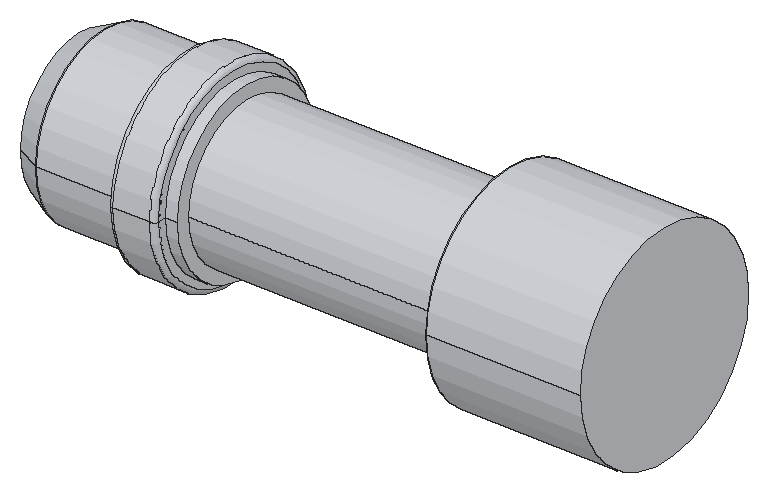
Revit family "RAUPIANO PLUS Connection Pipe", category Pipe Accessories, Revit 2012
Parameters (values of type "Standard")
  tmin 1 [instance] = size_lookup("RAUPIANO Pipe.csv", "tmin", 0 mm, Nominal Diameter 1)  # 42.3 mm
  t [instance] = 33 mm  # constant formula
  re [instance] = de / 2  # 20 mm
  dm [instance] = size_lookup("RAUPIANO Connection Pipe.csv", "dm", 0 mm, Nominal Diameter 1, Nominal Diameter 2)  # 32 mm
  di [instance] = size_lookup("RAUPIANO Connection Pipe.csv", "di", 0 mm, Nominal Diameter 1, Nominal Diameter 2)  # 53.7 mm
  de 1 [instance] = size_lookup("RAUPIANO Pipe.csv", "de", 0 mm, Nominal Diameter 1)  # 40 mm
  de [instance] = size_lookup("RAUPIANO Connection Pipe.csv", "de", 0 mm, Nominal Diameter 1, Nominal Diameter 2)  # 40 mm
  e1 [instance] = size_lookup("RAUPIANO Pipe.csv", "e", 0 mm, Nominal Diameter 1)  # 1.8 mm
  bmin 1 [instance] = size_lookup("RAUPIANO Pipe.csv", "bmin", 0 mm, Nominal Diameter 1)  # 3.5 mm
  Type Comments = "RAU-PP; Push-fit; White"  # constant formula
  Thermal expansion coefficient [instance] = "0,09 mm/m.K"  # constant formula
  Temperature resistance [instance] = "90°C (continuous), 95°C (short term)"  # constant formula
  T3 = "from DN 50 to OD 47 - 50 mm"
  T2 = "from DN 50 to OD 32 - 40 mm"
  T1 = "from DN 40 to OD 32 - 40 mm"
  Spec Text [instance] = if(and(D1 = 40 mm, D2 = 32 mm), T1, if(and(D1 = 40 mm, D2 = 40 mm), T1, if(and(D1 = 50 mm, D2 = 32 mm), T2, if(and(D1 = 50 mm, D2 = 40 mm), T2, if(and(D1 = 50 mm, D2 = 50 mm), T3, Fail)))))  # "from DN 40 to OD 32 - 40 mm"
  Sleeve Radius 1 [instance] = (Dmax 1 + de 1) / 4  # 23.5 mm
  Remarks [instance] = "to be used together with REHAU RAUPIANO PLUS rubber nipple"  # constant formula
  Pressure resistance [instance] = "1 bar (100 kPa, 10m)"  # constant formula
  Pressure Drop [instance] = 0.0 Pa
  OR2 [instance] = OD2 / 2  # 28.65 mm
  OD2 [instance] = di + (2 * e1)  # 57.3 mm
  Nominal Radius 2 [instance] = 16 mm
  Nominal Radius 1 [instance] = 20 mm
  Nominal Diameter 2 [instance] = Nominal Radius 2 * 2  # 32 mm
  Nominal Diameter 1 [instance] = Nominal Radius 1 * 2  # 40 mm
  Materialcode SAP [instance] = if(and(D1 = 40 mm, D2 = 32 mm), M1, if(and(D1 = 40 mm, D2 = 40 mm), M1, if(and(D1 = 50 mm, D2 = 32 mm), M2, if(and(D1 = 50 mm, D2 = 40 mm), M2, if(and(D1 = 50 mm, D2 = 50 mm), M3, Fail)))))  # "11231641001"
  Manufacturer = "REHAU"  # constant formula
  M3 = "11214241001"
  M2 = "11214141001"
  M1 = "11231641001"
  L [instance] = size_lookup("RAUPIANO Connection Pipe.csv", "L", 0 mm, Nominal Diameter 1, Nominal Diameter 2)  # 63 mm
  Health and environmental impact [instance] = "Halogen-free (no F, Cl, Br, J) and 100% recyclable"  # constant formula
  Fire load [instance] = "14.992 kJ/kg"  # constant formula
  Fire behaviour [instance] = "B2 (DIN 4102); D,S3-d0 (EN 13501-1)"  # constant formula
  Fail = "No article found"
  Dmax 1 [instance] = size_lookup("RAUPIANO Pipe.csv", "Dmax", 0 mm, Nominal Diameter 1)  # 54 mm
  Description = "REHAU RAUPIANO PLUS connection pipe"  # constant formula
  D2 [instance] = Nominal Diameter 2  # 32 mm
  D1 [instance] = Nominal Diameter 1  # 40 mm
  Chemical resistance [instance] = "pH 2 - 12"  # constant formula
  Belt Thickness 1 [instance] = Dmax 1 / 2 - Sleeve Radius 1  # 3.5 mm
  Belt Radius 1 [instance] = (Dmax 1 / 2 - Sleeve Radius 1) / 2.5  # 1.4 mm
  Belt Length 1 [instance] = (3 mm / 10 mm) * tmin 1  # 12.69 mm
  BL [instance] = 153 mm  # constant formula
  Article No [instance] = if(and(D1 = 40 mm, D2 = 32 mm), A1, if(and(D1 = 40 mm, D2 = 40 mm), A1, if(and(D1 = 50 mm, D2 = 32 mm), A2, if(and(D1 = 50 mm, D2 = 40 mm), A2, if(and(D1 = 50 mm, D2 = 50 mm), A3, Fail)))))  # "123164-001"
  Application [instance] = "Not to be exposed to UV-radiation"  # constant formula
  Acoustic properties [instance] = "Rw + Ctr 42 (with industry standard suspended ceiling)"  # constant formula
  A3 = "121424-001"
  A2 = "121414-001"
  A1 = "123164-001"
Reference planes
  plane 1 "Center (Front/Back)": y = 0
  plane 2: z = 0
  plane 3 "Center (Left/Right)": x = 0
  plane 4: x = -76.5
  plane 5: x = 34.2
  plane 6: x = 80
  plane 7: y = 16
  plane 8: y = -16
  plane 9: y = 23.5
  plane 10: y = -23.5
  plane 11: x = -34.2
  plane 12: x = -37.7
  plane 13: x = -50.39
  plane 14: x = -80
  plane 15: x = -73
  plane 16: x = 37.7
Forms (mm)
  Extrusion 1, solid, detail levels fine
    sketch origin (-76.5, 2000, 1200) x (0, 1, 0) y (0, 0, 1)
      loop
        circle (-2000, -1200) r 28.65
    from 114.2 to 156.5
  Blend 2, solid, detail levels fine
    base sketch origin (34.2, 2000, 1200) x (0, 1, 0) y (0, 0, 1)
      loop
        circle (-2000, -1200) r 28.65
    top sketch origin (34.2, 2000, 1200) x (0, 1, 0) y (0, 0, 1)
      loop
        circle (-2000, -1200) r 20
    from 3.5 to 0
  Extrusion 3, solid, detail levels fine
    sketch origin (0, 0, 0) x (0, 1, 0) y (0, 0, 1)
      loop
        circle (0, 0) r 20
    from 34.2 to -34.2
  Blend 4, solid, detail levels fine
    base sketch origin (0, 0, 0) x (0, 1, 0) y (0, 0, 1)
      loop
        circle (0, 0) r 20
    top sketch origin (0, 0, 0) x (0, 1, 0) y (0, 0, 1)
      loop
        circle (0, 0) r 23.5
    from -80 to -73
  Extrusion 5, solid, detail levels fine
    sketch origin (0, 0, 0) x (0, 1, 0) y (0, 0, 1)
      loop
        circle (0, 0) r 23.5
    from -73 to -34.2
  Revolve 6, solid, detail levels fine
    sketch origin (0, 0, 0) x (1, 0, 0) y (0, 1, 0)
      loop
        line (-50.39, 23.5) -> (-37.7, 23.5) -> (-37.7, 25.6)
        arc (-37.7, 25.6) -> (-38.11, 26.59) -> (-39.1, 27) r 1.4
        line (-39.1, 27) -> (-48.99, 27)
        arc (-48.99, 27) -> (-49.98, 26.59) -> (-50.39, 25.6) r 1.4
        line (-50.39, 25.6) -> (-50.39, 23.5)
      axis (-37.7, 0) -> (-50.39, 0)
    angle from 0 to 360
Lines and regions (mm)
  model lines, detail levels coarse+medium
    curve 1: line (-80, 0, 0) -> (80, 0, 0)
    curve 2: line (80, 16, 0) -> (80, -16, 0)
    curve 3: line (-80, 20, 0) -> (-80, -20, 0)
  model lines, style "Symbol", detail levels coarse+medium
    curve 4: line (-80, 0, 20) -> (-80, 0, -20)
    curve 5: line (80, 0, 16) -> (80, 0, -16)
Dimensions and locks
  "bmin 1": plane 5 to plane 16
  "tmin 1": plane 16 to plane 6
  "Nominal Diameter 2": plane 7 to plane 8
  equal spacing: plane 7, plane 1 "Center (Front/Back)", plane 8
  equal spacing: plane 9, plane 1 "Center (Front/Back)", plane 10
  "Sleeve Radius 1": plane 9 to plane 1 "Center (Front/Back)"
  "tmin 1": plane 4 to plane 11
  "bmin 1": plane 12 to plane 11
  "Belt Length 1": plane 13 to plane 12
  "bmin 1": plane 4 to plane 15
  equal spacing: plane 14, plane 3 "Center (Left/Right)", plane 6
  "bmin 1": plane 14 to plane 4
  equal spacing: curve 3, plane 1 "Center (Front/Back)", curve 3
  "Nominal Radius 1": plane 1 "Center (Front/Back)" to curve 3
  "Belt Thickness 1": Revolve 6 sketch curve to Revolve 6 sketch curve
  equal spacing: curve 4, level, curve 4
  equal spacing: curve 5, level, curve 5
  "Nominal Radius 2": curve 5 to level
  "Nominal Radius 1": curve 4 to level
  "OR2": radius of Extrusion 1 sketch curve
  "OR2": radius of Blend 2 sketch curve
  "re": radius of Blend 2 sketch curve
  "re": radius of Extrusion 3 sketch curve
  "re": radius of Blend 4 sketch curve
  "Sleeve Radius 1": radius of Blend 4 sketch curve
  "Sleeve Radius 1": radius of Extrusion 5 sketch curve
  "Belt Radius 1": radius of Revolve 6 sketch curve  (x2)
  aligned and locked: level to plane 2
  aligned and locked: plane 1 "Center (Front/Back)" to curve 1
  aligned and locked: plane 6 to curve 1
  aligned and locked: plane 6 to Extrusion 1
  aligned and locked: plane 5 to Extrusion 3
  aligned and locked: Blend 2 to plane 5
  aligned and locked: plane 7 to curve 2
  aligned and locked: plane 8 to curve 2
  aligned and locked: curve 2 to plane 6
  aligned and locked: Extrusion 1 to plane 16
  aligned and locked: Blend 2 to Extrusion 1
  aligned and locked: plane 14 to curve 1
  aligned and locked: curve 3 to plane 14
  aligned and locked: Blend 4 to plane 14
  aligned and locked: Blend 4 to plane 15
  aligned and locked: Extrusion 3 to plane 11
  aligned and locked: plane 15 to Extrusion 5
  aligned and locked: plane 11 to Extrusion 5
  aligned and locked: Revolve 6 sketch curve to plane 13
  aligned and locked: Revolve 6 sketch curve to plane 9
  aligned and locked: plane 12 to Revolve 6 sketch curve
  aligned and locked: Revolve 6 sketch curve to Revolve 6 sketch curve
  aligned and locked: Revolve 6 sketch curve to plane 1 "Center (Front/Back)"
  aligned and locked: curve 4 to plane 14
  aligned and locked: curve 5 to plane 6
Automatic sketch dimensions
  Extrusion 1 sketch curve to level = 0 mm
  Extrusion 1 sketch curve to plane 1 "Center (Front/Back)" = 0 mm
  Blend 2 sketch curve to level = 0 mm  (x2)
  Blend 2 sketch curve to plane 1 "Center (Front/Back)" = 0 mm  (x2)
  Extrusion 3 sketch curve to level = 0 mm
  Extrusion 3 sketch curve to plane 1 "Center (Front/Back)" = 0 mm
  Blend 4 sketch curve to level = 0 mm  (x2)
  Blend 4 sketch curve to plane 1 "Center (Front/Back)" = 0 mm  (x2)
  Extrusion 5 sketch curve to level = 0 mm
  Extrusion 5 sketch curve to plane 1 "Center (Front/Back)" = 0 mm
  Revolve 6 sketch curve to plane 14 = 1920 mm
  plane 6 to Revolve 6 sketch curve = 1920 mm
Connectors
  piping at (-80, 0, 0), driven by "Nominal Radius 1"
    settings: on Blend 4, index 1, connector radius 20 mm, flow factor 0, pipe flow 0.0 L/s, pressure drop 0.0 Pa, fitting loss kfactor 0, connector angle 0.00°, fixture units 0, engagement length 0 mm, flow configuration 0, flow direction 2, fitting loss method 4, system type 16, joint type 0, gender type 0, connector reference index 2, connector utility 0, adjustable connector no, is connector primary yes, fitting loss table "", connector description ""
  piping at (80, 0, 0), driven by "Nominal Radius 2", driven by "Pressure Drop"
    settings: on Extrusion 1, index 2, connector radius 16 mm, flow factor 0, pipe flow 0.0 L/s, pressure drop 0.0 Pa, fitting loss kfactor 0, connector angle 0.00°, fixture units 0, engagement length 0 mm, flow configuration 0, flow direction 1, fitting loss method 4, system type 16, joint type 0, gender type 0, connector reference index 1, connector utility 0, adjustable connector no, is connector primary no, fitting loss table "", connector description ""
